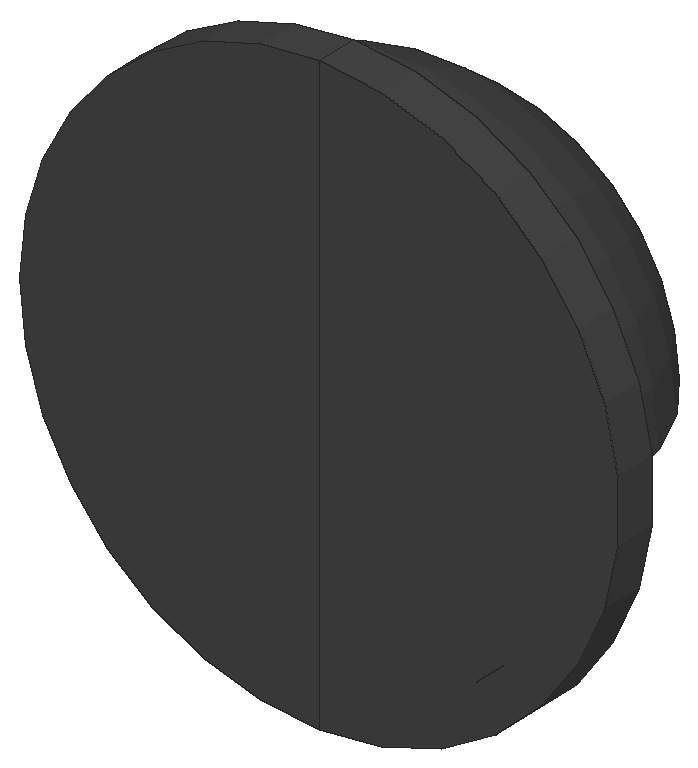
Revit family
Parameters (values of type "Wall Mounted")
  Wattage = 150 W
  built-in parameter 1150110 = 1 (stored number, unit not read)
  built-in parameter 1114217 = 1 (stored number, unit not read)
  built-in parameter 1150109 = 1 (stored number, unit not read)
  built-in parameter 1150134 = 3
  built-in parameter 1150113 = 1 (stored number, unit not read)
  Lumens = 2700 lm
  built-in parameter 1150115 = 1 (stored number, unit not read)
  built-in parameter 1150105 = 859.44 (stored number, unit not read)
  Light Source Symbol Size = 609.6 mm
  built-in parameter 1150137 = (empty or 0)
  built-in parameter 1150139 = (empty or 0)
  Light Fixture Material = Metal - Black
  built-in parameter 1150112 = 1 (stored number, unit not read)
  built-in parameter 1150114 = 1 (stored number, unit not read)
  Lamp Glass Material = Glass - White Frosted
  built-in parameter 1150132 = (empty or 0)
  built-in parameter 1150102 = (empty or 0)
  built-in parameter 1150138 = (empty or 0)
  built-in parameter 1150107 = 3200 (stored number, unit not read)
  built-in parameter 1150106 = 8.5944 (stored number, unit not read)
  Fixture Height = 1800 mm
  built-in parameter 1150104 = 1.6723 (stored number, unit not read)
  Dimming Lamp Color Temperature Shift = (empty or 0)
  Color Filter = 16777215
  built-in parameter 1114218 = 1 (stored number, unit not read)
  built-in parameter 1150133 = 10 (stored number, unit not read)
Reference planes
  plane 1: y = 0
  plane 2 "Light Source Axis (L/R)": x = 125
  plane 3 "Light Sheet Metal": y = 150
  plane 4 "Light Source Elevation": z = 2278.661
  plane 5: y = 125
  plane 6: z = 478.661
  plane 7 "Light Source Axis (F/R)": y = 300
Forms (mm)
  Revolve 1, solid, material "Metal - Black" <- "Light Fixture Material"
    sketch origin (125, 0, 3600) x (0, 1, 0) y (0, 0, -1)
      loop
        line (125, 1321.339) -> (130, 1321.339) -> (130, 1471.339) -> (150, 1471.339) -> (150, 1496.339) -> (125, 1496.339) -> (125, 1321.339)
      axis (125, 1321.339) -> (150, 1321.339)
    angle from 0 to 360
  Revolve 2, solid, material "Glass - White Frosted" <- "Lamp Glass Material"
    sketch origin (125, 0, 3600) x (0, 1, 0) y (0, 0, -1)
      loop
        line (130, 1471.339) -> (130, 1321.339) -> (280, 1321.339)
        arc (280, 1321.339) -> (243.359, 1420.917) -> (150, 1471.339) r 150
        line (150, 1471.339) -> (130, 1471.339)
      axis (130, 1321.339) -> (280, 1321.339)
    angle from 0 to 360
  Revolve 3, solid, material "Metal - Black" <- "Light Fixture Material"
    sketch origin (125, 0, 3600) x (0, 1, 0) y (0, 0, 1)
      loop
        arc (150, -1481.422) -> (250.563, -1428.063) -> (290.189, -1321.339) r 160
        line (290.189, -1321.339) -> (280.189, -1321.339)
        arc (280.189, -1321.339) -> (243.477, -1420.974) -> (150, -1471.339) r 150
        line (150, -1471.339) -> (150, -1481.422)
      axis (150, -1321.339) -> (290.189, -1321.339)
    angle from 270 to 90
Text (mm)
  text "Placement Side" at (-1787.139, 1116.779, 0), in view "Ref. Level."
  text "Placement Side" at (0, 2110.396, 2986.058), in view "Left"
  text "Placement Side" at (0, 628.478, 3011.967), in view "Right"
Dimensions and locks
  "Fixture Height": plane 4 "Light Source Elevation" to level
  "Fixture Height": plane 6 to plane 4 "Light Source Elevation"
  locked: plane 7 "Light Source Axis (F/R)" to plane 3 "Light Sheet Metal" at 150
  locked: Revolve 2 to Revolve 1 sketch curve at 5
  locked: plane 3 "Light Sheet Metal" to plane 5 at 25
  aligned and locked: plane 2 "Light Source Axis (L/R)" to imposter light
  aligned and locked: plane 4 "Light Source Elevation" to imposter light
  aligned and locked: plane 3 "Light Sheet Metal" to imposter light
  aligned and locked: host wall to plane 5
Automatic sketch dimensions
  Revolve 3 sketch curve to Revolve 3 sketch curve = 0 mm  (x2)
  Revolve 3 sketch curve to plane 4 "Light Source Elevation" = 0 mm  (x2)
  Revolve 3 sketch curve to plane 3 "Light Sheet Metal" = 0 mm
  Revolve 3 sketch curve to plane 4 "Light Source Elevation" = 1.313 mm
  host wall to Revolve 3 sketch curve = 5.195 mm
  host wall to Revolve 3 sketch curve = 15 mm
  Revolve 3 sketch curve to plane 3 "Light Sheet Metal" = 130.189 mm
  Revolve 3 sketch curve to Revolve 3 sketch curve = 10 mm
  Revolve 3 sketch curve to Revolve 3 sketch curve = 139.811 mm
  Revolve 1 sketch curve to host wall = 0 mm
  Revolve 1 sketch curve to plane 4 "Light Source Elevation" = 0 mm  (x2)
  Revolve 1 sketch curve to plane 3 "Light Sheet Metal" = 0 mm
  Revolve 1 sketch curve to Revolve 1 sketch curve = 5 mm
  Revolve 1 sketch curve to plane 7 "Light Source Axis (F/R)" = 20 mm
  Revolve 1 sketch curve to plane 4 "Light Source Elevation" = 150 mm
  Revolve 1 sketch curve to Revolve 1 sketch curve = 25 mm
  Revolve 2 sketch curve to plane 4 "Light Source Elevation" = 0 mm  (x2)
  Revolve 2 sketch curve to plane 3 "Light Sheet Metal" = 0 mm
  Revolve 2 sketch curve to plane 4 "Light Source Elevation" = 1.339 mm
  Revolve 2 sketch curve to Revolve 2 sketch curve = 0.006 mm
  host wall to Revolve 2 sketch curve = 145 mm
  Revolve 2 sketch curve to plane 7 "Light Source Axis (F/R)" = 20 mm
  plane 7 "Light Source Axis (F/R)" to Revolve 2 sketch curve = 290 mm
  host wall to Revolve 2 sketch curve = 5 mm
